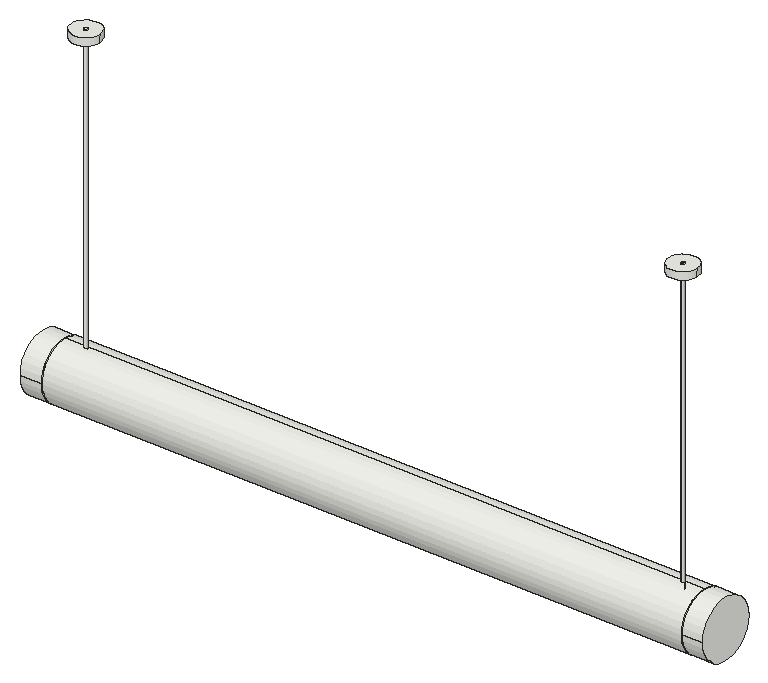
Revit family "28a6a06bc0a84a6981682c25fb1d01f1", category Lighting Fixtures, host Ceiling, Revit 2021
Family settings
  Host = Ceiling
  Round Connector Dimension = Use Diameter
  Part Type = Normal
  OmniClass Number = 23.80.70.11.11
  OmniClass Title = General Luminaries, Non Directional
  Seek Item ID = Pendant Light - Linear - 1 Lamp-0000-USA-ENU
  Always vertical = Yes
  Cut with Voids When Loaded = No
  Light Source = Yes
  Shared = No
  Room Calculation Point = No
Parameters (values of type "48" - 120V")
  Wattage = 40 W
  built-in parameter 1150110 = 1 (stored number, unit not read)
  built-in parameter 1114217 = 0.88 (stored number, unit not read)
  built-in parameter 1150109 = 1 (stored number, unit not read)
  built-in parameter 1150134 = 8
  built-in parameter 1150113 = 1 (stored number, unit not read)
  built-in parameter 1150115 = 1 (stored number, unit not read)
  built-in parameter 1150105 = 1002.7 (stored number, unit not read)
  Load Classification = Lighting - Dwelling Unit
  Light Source Symbol Size = 2' - 0"
  built-in parameter 1150137 = 1
  built-in parameter 1150139 = (empty or 0)
  built-in parameter 1150112 = 1 (stored number, unit not read)
  built-in parameter 1150114 = 1 (stored number, unit not read)
  Lamp = "T-12"
  built-in parameter 1150132 = (empty or 0)
  built-in parameter 1150102 = (empty or 0)
  built-in parameter 1150138 = (empty or 0)
  built-in parameter 1150107 = 4230 (stored number, unit not read)
  built-in parameter 1150106 = 10.027 (stored number, unit not read)
  Emit from Line Length = Light Casing Length - 0' 3"  # 3' - 9"
  built-in parameter 1150104 = 7.3161 (stored number, unit not read)
  Dimming Lamp Color Temperature Shift = <None>
  Default Elevation = 0' - 0"
  Color Filter = 16777215
  built-in parameter 1140040 [instance] = 1
  Ballast Voltage = 120 V
  Ballast Number of Poles = 1
  built-in parameter 1114218 = 0.88 (stored number, unit not read)
  built-in parameter 1150133 = 10 (stored number, unit not read)
  Assembly Code = "D5020210"
  Ceiling Mount Material = Steel, Paint Finish, Ivory, Glossy
  Diffuser Material = Glass, White, High Luminance
  Light Casing Length = 4' - 0"
  Light Casing Material = Steel, Paint Finish, Ivory, Glossy
  Drop From Ceiling = 2' - 0"
  Lumens = 3150 lm
  Apparent Load = 40 VA
Types (4): name | Wattage | built-in parameter 1150105 | built-in parameter 1150106 | Emit from Line Length | built-in parameter 1150104 | Ballast Voltage | Light Casing Length | Drop From Ceiling | Lumens | Apparent Load
  96" - 277V | 64 W | 1909.9 (stored number, unit not read) | 19.099 (stored number, unit not read) | 7' - 9" | 8.7097 (stored number, unit not read) | 277 V | 8' - 0" | 1' - 0" | 6000 lm | 64 VA
  96" - 120V | 64 W | 1909.9 (stored number, unit not read) | 19.099 (stored number, unit not read) | 7' - 9" | 8.7097 (stored number, unit not read) | 120 V | 8' - 0" | 1' - 0" | 6000 lm | 64 VA
  48" - 120V | 40 W | 1002.7 (stored number, unit not read) | 10.027 (stored number, unit not read) | 3' - 9" | 7.3161 (stored number, unit not read) | 120 V | 4' - 0" | 2' - 0" | 3150 lm | 40 VA
  48" - 277V | 40 W | 1002.7 (stored number, unit not read) | 10.027 (stored number, unit not read) | 3' - 9" | 7.3161 (stored number, unit not read) | 277 V | 4' - 0" | 2' - 0" | 3150 lm | 40 VA
Reference planes (in)
  plane 1 "Light Source Axis": y = 0
  plane 2 "Ceiling": z = 96
  plane 3 "Light Source Axis": x = 0
  plane 4 "Light Source Elevation": z = 73
  plane 5: x = -24
  plane 6: x = 24
  plane 7: x = -21
  plane 8: x = 21
  plane 9: x = -21.00348
  plane 10: x = 21
  plane 11: z = 95.5
  plane 12: z = 72
  plane 13: z = 76
  plane 14: z = 74
  plane 15: x = -22.5
  plane 16: x = 22.50821
  plane 17: z = 72.5
Forms (in)
  Extrusion 1, solid, material "Steel, Paint Finish, Ivory, Glossy" <- "Ceiling Mount Material"
    sketch origin (0, 0, 73) x (0, -1, 0) y (1, 0, 0)
      loop
        circle (0, -21) r 0.125
      loop
        circle (0, 21) r 0.125
    from 2.5 to 23
  Extrusion 2, solid, material "Steel, Paint Finish, Ivory, Glossy" <- "Ceiling Mount Material"
    sketch origin (0, 0, 0) x (1, 0, 0) y (0, 1, 0)
      loop
        circle (-21.00348, 0) r 1
      loop
        circle (21, 0) r 1
    from 95.5 to 96
  Extrusion 3, solid, material "Steel, Paint Finish, Ivory, Glossy" <- "Light Casing Material"
    sketch origin (0, 0, 0) x (0, 1, 0) y (0, 0, 1)
      loop
        arc (0, 76) -> (-1.93185, 74.51764) -> (-1, 72.26795) r 2
        line (-1, 72.26795) -> (-1, 73.5) -> (1, 73.5) -> (1, 72.26795)
        arc (1, 72.26795) -> (1.93185, 74.51764) -> (0, 76) r 2
    from -22.5 to 22.50821
  Extrusion 4, solid, material "Steel, Paint Finish, Ivory, Glossy" <- "Light Casing Material"
    sketch origin (-22.5, 0, 0) x (0, -1, 0) y (0, 0, 1)
      loop
        circle (0, 74) r 2.00048
    from 0 to 1.5
  Extrusion 5, solid, material "Steel, Paint Finish, Ivory, Glossy" <- "Light Casing Material"
    sketch origin (22.50821, 0, 0) x (0, 1, 0) y (0, 0, 1)
      loop
        circle (0, 74) r 2
    from 0 to 1.49179
  Extrusion 6, solid, material "Glass, White, High Luminance" <- "Diffuser Material"
    sketch origin (0, 0, 0) x (1, 0, 0) y (0, 1, 0)
      loop
        line (-22.5, 1) -> (-22.5, -1) -> (22.50821, -1) -> (22.50821, 1) -> (-22.5, 1)
    from 72.5 to 73
Lines and regions (in)
  symbolic lines
    curve 1: line (24, 2.5, 96) -> (-24, 2.5, 96)
    curve 2: line (24, -2.5, 96) -> (24, 2.5, 96)
    curve 3: line (-24, -2.5, 96) -> (24, -2.5, 96)
    curve 4: line (-24, 2.5, 96) -> (-24, -2.5, 96)
    curve 5: arc (-20.00348, 0, 96) -> (-21.00348, 1, 96) -> (-22.00348, 0, 96) r 1
    curve 6: arc (-22.00348, 0, 96) -> (-21.00348, -1, 96) -> (-20.00348, 0, 96) r 1
    curve 7: arc (20, 0, 96) -> (21, -1, 96) -> (22, 0, 96) r 1
    curve 8: arc (22, 0, 96) -> (21, 1, 96) -> (20, 0, 96) r 1
Dimensions and locks (in)
  equal spacing: host sketch curve, plane 3 "Light Source Axis", host sketch curve
  equal spacing: host sketch curve, plane 1 "Light Source Axis", host sketch curve
  host sketch curve to host sketch curve = 10' - 0"  (x2)
  "Light Casing Length": plane 5 to plane 6
  equal spacing: plane 5, plane 3 "Light Source Axis", plane 6
  locked: plane 5 to plane 7 at 3
  locked: plane 8 to plane 6 at 3
  locked: plane 5 to plane 9 at 2.99652
  locked: plane 10 to plane 6 at 3
  plane 12 to plane 4 "Light Source Elevation" = 0' - 1"
  plane 12 to plane 13 = 0' - 4"
  equal spacing: plane 12, plane 14, plane 13
  locked: plane 5 to plane 15 at 1.5
  locked: plane 16 to plane 6 at 1.49179
  locked: plane 4 "Light Source Elevation" to Extrusion 3 sketch curve at 0.5
  plane 17 to plane 4 "Light Source Elevation" = 0' - 0 1/2"
  locked: plane 11 to plane 2 "Ceiling" at 0.5
  "Drop From Ceiling": plane 2 "Ceiling" to plane 12
  aligned and locked: plane 2 "Ceiling" to Extrusion 1
  aligned and locked: plane 2 "Ceiling" to Extrusion 2
  aligned and locked: plane 11 to Extrusion 2
  aligned and locked: plane 5 to curve 4
  aligned and locked: curve 5 to Extrusion 2
  aligned and locked: curve 7 to Extrusion 2
  aligned and locked: Extrusion 3 to plane 16
  aligned and locked: plane 15 to Extrusion 3
  aligned and locked: Extrusion 5 to plane 6
  aligned and locked: Extrusion 3 to Extrusion 6 sketch curve
  aligned and locked: Extrusion 6 sketch curve to Extrusion 3  (x3)
  aligned and locked: Extrusion 6 to plane 4 "Light Source Elevation"
  aligned and locked: Extrusion 6 to plane 17
  aligned and locked: plane 3 "Light Source Axis" to imposter light
  aligned and locked: plane 1 "Light Source Axis" to imposter light
  aligned and locked: plane 4 "Light Source Elevation" to imposter light
  aligned and locked: plane 1 "Light Source Axis" to Extrusion 4 sketch curve
Automatic sketch dimensions
  Extrusion 1 sketch curve to plane 8 = 0' - 0"
  Extrusion 1 sketch curve to plane 7 = 0' - 0"
  Extrusion 1 sketch curve to plane 1 "Light Source Axis" = 0' - 0"  (x2)
  Extrusion 1 sketch curve to plane 1 "Light Source Axis" = 0' - 0 1/8"  (x2)
  Extrusion 2 sketch curve to plane 1 "Light Source Axis" = 0' - 0"  (x2)
  Extrusion 2 sketch curve to plane 9 = 0' - 0"
  Extrusion 2 sketch curve to plane 10 = 0' - 0"
  Extrusion 2 sketch curve to plane 9 = 0' - 1"
  Extrusion 2 sketch curve to plane 10 = 0' - 1"
  curve 2 to plane 6 = 0' - 0"
  plane 1 "Light Source Axis" to curve 3 = 0' - 2 1/2"
  curve 1 to plane 1 "Light Source Axis" = 0' - 2 1/2"
  Extrusion 3 sketch curve to plane 1 "Light Source Axis" = 0' - 0"
  Extrusion 3 sketch curve to plane 14 = 0' - 0"  (x2)
  plane 1 "Light Source Axis" to Extrusion 3 sketch curve = 0' - 1"
  Extrusion 3 sketch curve to plane 1 "Light Source Axis" = 0' - 1"
  Extrusion 3 sketch curve to plane 13 = 0' - 0"
  Extrusion 4 sketch curve to plane 14 = 0' - 0"
  Extrusion 4 sketch curve to plane 1 "Light Source Axis" = 0' - 2.00048"
  Extrusion 5 sketch curve to plane 14 = 0' - 0"
  Extrusion 5 sketch curve to plane 1 "Light Source Axis" = 0' - 0"
  plane 1 "Light Source Axis" to Extrusion 5 sketch curve = 0' - 2"
Connectors (in)
  electrical at (0.0041, 0, 72.5), driven by "Apparent Load", driven by "Ballast Voltage", driven by "Ballast Number of Poles", driven by "Load Classification"
    settings: on Extrusion 6, index 1, voltage 120 V, apparent load 0 VA, apparent load phase1 40 VA, apparent load phase2 0 VA, apparent load phase3 0 VA, power factor 0.95, load classification "Lighting - Dwelling Unit", number of poles 1, system type 31, power factor state 1, is connector primary yes, connector utility no, sub classification motor no, connector description ""
